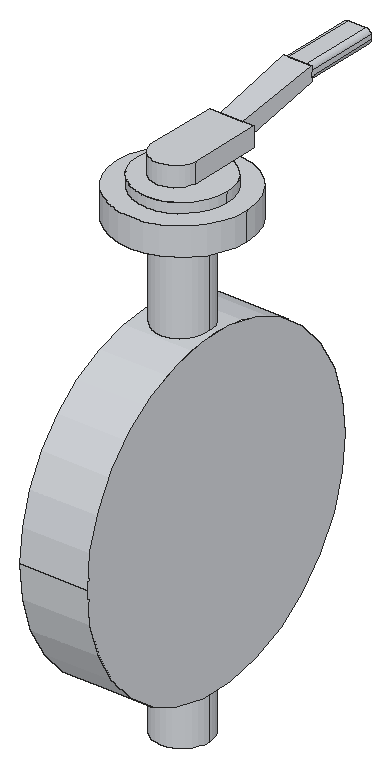
Revit family "HS497-67_disk-litina-s pákou DN250-RFA_2018", category Pipe Accessories, Revit 2018
Family settings
  Round Connector Dimension = Use Diameter
  Part Type = Valve - Breaks Into
  Work Plane-Based = No
  Always vertical = Yes
  Cut with Voids When Loaded = No
  Shared = No
Parameters (values of type "HS 497-67_DN250_PN16_s pákou")
  magiProductId = ""
  magiProductFamilyId = "53cea81e6f374d17b8841d9c72ad77"
  magiPartTypeId = 305
  isMeasuringValve [instance] = no
  ang2D [instance] = 0.00°
  X11 = 88.77 mm
  X1 = 36.77 mm
  W2D = 1000 mm
  VersionID = "2.0/2017.9.26.1/ZETKAMA_497_001"
  Use Minimum Symbol Size [instance] = yes
  URL = "http://www.hydronix.cz"
  Type Comments = "mezipřírubová; litinový disk; PN16; -10~+110°C (krátkodobě +120°C)"
  SW30 = no
  SW3 = no
  SW21 = no
  SW20 = yes
  SW2 = yes
  SW1 = no
  R = 125 mm
  QmdConnectorList = "301;D;302;D"
  Productdata [instance] = ""
  NC = 70 mm
  Model = ""
  Manufacturer = "Hydronix"  # constant formula
  MM20 = 36.77 mm
  MC Product Code = "120 250 (litinový disk, s pákou; DN250; PN16, kvs4555)"
  M41 = 91.5 mm
  M4 = 61 mm
  LHL = 220 mm
  LHH3 = 2.45 mm
  LHH1 = 46.55 mm
  LH1 = 73.333 mm
  L4R__ve = -L4R  # -22.2 mm
  L4R = 22.2 mm
  L42__ve = -L42  # -166.5 mm
  L42 = 166.5 mm
  L41__ve = -L41  # -33.3 mm
  L41 = 33.3 mm
  L2D_Min = 3048 mm
  L2D = 216 mm
  L2 = 34 mm
  L1 = 54.4 mm
  L = 68 mm
  H = 23 mm
  G22 = 11.25 mm
  G2 = 22.5 mm
  G1 = 90 mm
  G = 130 mm
  F = 22 mm
  E44 = 62.5 mm
  E42 = 125 mm
  E4 = 250 mm
  E23 = 4.9 mm
  E22 = 19.6 mm
  E21 = 9.8 mm
  Description = "Mezipřírubová uzavírací klapka s pákou; litinový disk, DN250; PN16; kvs4555"
  DR2 = 125 mm
  DR = 324 mm
  DD1 = 31.25 mm
  DD = 25 mm
  D = 250 mm
  CAT0 = yes
  B2__ve = -B2  # -85 mm
  B2 = 85 mm
  A2 = 28.25 mm
  A1 = 129.25 mm
Types (43, lengths in mm): name | magiProductId | X11 | X1 | Type Comments | SW30 | SW3 | SW20 | SW2 | SW1 | R | NC | MM20 | MC Product Code | M41 | M4 | LHL | LHH3 | LHH1 | LH1 | L4R__ve | L4R | L42__ve | L42 | L41__ve | L41 | L2 | L1 | L | H | G | F | E44 | E42 | E4 | E23 | E22 | E21 | Description | DR2 | DR | DD1 | DD | D | B2__ve | B2 | A2 | A1
  HS 497-67_DN100_PN16_volné vřeteno | "65d1b245f4f142c78569c0602d5754" | 61.456 | 25.456 | "mezipřírubová; litinový disk; PN16; -10~+110°C (krátkodobě +120°C)" | no | no | no | no | yes | 50 | 50 | 25.456 | "123 100 (litinový disk, s volným vřetenem; DN100; PN16, kvs512)" | 66 | 44 | 220 | 2.45 | 46.55 | 73.333 | -12.8 | 12.8 | -96 | 96 | -19.2 | 19.2 | 26 | 41.6 | 52 | 30 | 90 | 11 | 31.25 | 62.5 | 125 | 4.9 | 19.6 | 9.8 | "Mezipřírubová uzavírací klapka s volným vřetenem; litinový disk, DN100; PN16; kvs512" | 50 | 147 | 15.625 | 12.5 | 100 | -56 | 56 | 16.5 | 98.5
  HS 497-67_DN100_PN16_převodové kolo | "11e91b807e674d428c8e796fcdcfe2" | 61.456 | 25.456 | "mezipřírubová; litinový disk; PN16; -10~+110°C (krátkodobě +120°C)" | yes | yes | no | no | no | 50 | 50 | 25.456 | "125 100 (litinový disk, s převodovým kolem; DN100; PN16, kvs512)" | 65.25 | 43.5 | 220 | 2.45 | 46.55 | 73.333 | -12.8 | 12.8 | -96 | 96 | -19.2 | 19.2 | 26 | 41.6 | 52 | 30 | 90 | 11 | 31.25 | 62.5 | 125 | 4.9 | 19.6 | 9.8 | "Mezipřírubová uzavírací klapka s převodovým kolem; litinový disk, DN100; PN16; kvs512" | 50 | 147 | 15.625 | 12.5 | 100 | -56 | 56 | 16.5 | 98.5
  HS 497-67_DN100_PN16_s pákou | "28172f0b3f4b47b28323ac71cf8749" | 61.456 | 25.456 | "mezipřírubová; litinový disk; PN16; -10~+110°C (krátkodobě +120°C)" | no | no | yes | yes | no | 50 | 50 | 25.456 | "120 100 (litinový disk, s pákou; DN100; PN16, kvs512)" | 66 | 44 | 260 | 3 | 57 | 86.667 | -12.8 | 12.8 | -96 | 96 | -19.2 | 19.2 | 26 | 41.6 | 52 | 30 | 90 | 11 | 31.25 | 62.5 | 125 | 6 | 24 | 12 | "Mezipřírubová uzavírací klapka s pákou; litinový disk, DN100; PN16; kvs512" | 50 | 147 | 15.625 | 12.5 | 100 | -56 | 56 | 16.5 | 98.5
  HS 497-67_DN125_PN16_volné vřeteno | "0d813d910fc14f628bb3c2efbd185c" | 61.456 | 25.456 | "mezipřírubová; litinový disk; PN16; -10~+110°C (krátkodobě +120°C)" | no | no | no | no | yes | 62.5 | 50 | 25.456 | "123 125 (litinový disk, s volným vřetenem; DN125; PN16, kvs872)" | 66 | 44 | 220 | 2.45 | 46.55 | 73.333 | -12.8 | 12.8 | -96 | 96 | -19.2 | 19.2 | 28 | 44.8 | 56 | 33 | 90 | 14 | 31.25 | 62.5 | 125 | 4.9 | 19.6 | 9.8 | "Mezipřírubová uzavírací klapka s volným vřetenem; litinový disk, DN125; PN16; kvs872" | 62.5 | 180 | 15.625 | 12.5 | 125 | -64 | 64 | 18 | 99.5
  HS 497-67_DN125_PN16_převodové kolo | "c56b7c13f372467684996fb1e0e229" | 61.456 | 25.456 | "mezipřírubová; litinový disk; PN16; -10~+110°C (krátkodobě +120°C)" | yes | yes | no | no | no | 62.5 | 50 | 25.456 | "125 125 (litinový disk, s převodovým kolem; DN125; PN16, kvs872)" | 65.25 | 43.5 | 220 | 2.45 | 46.55 | 73.333 | -13.5 | 13.5 | -101.25 | 101.25 | -20.25 | 20.25 | 28 | 44.8 | 56 | 33 | 90 | 14 | 40 | 80 | 160 | 4.9 | 19.6 | 9.8 | "Mezipřírubová uzavírací klapka s převodovým kolem; litinový disk, DN125; PN16; kvs872" | 62.5 | 180 | 20 | 16 | 125 | -64 | 64 | 18 | 99.5
  HS 497-67_DN125_PN16_s pákou | "105993c79a91492399feef7931321a" | 61.456 | 25.456 | "mezipřírubová; litinový disk; PN16; -10~+110°C (krátkodobě +120°C)" | no | no | yes | yes | no | 62.5 | 50 | 25.456 | "120 125 (litinový disk, s pákou; DN125; PN16, kvs872)" | 66 | 44 | 315 | 3.75 | 71.25 | 105 | -12.8 | 12.8 | -96 | 96 | -19.2 | 19.2 | 28 | 44.8 | 56 | 33 | 90 | 14 | 31.25 | 62.5 | 125 | 7.5 | 30 | 15 | "Mezipřírubová uzavírací klapka s pákou; litinový disk, DN125; PN16; kvs872" | 62.5 | 180 | 15.625 | 12.5 | 125 | -64 | 64 | 18 | 99.5
  HS 497-67_DN150_PN16_volné vřeteno | "50c80cb8ab434f55ab7796e5ac1331" | 61.456 | 25.456 | "mezipřírubová; litinový disk; PN16; -10~+110°C (krátkodobě +120°C)" | no | no | no | no | yes | 75 | 50 | 25.456 | "123 150 (litinový disk, s volným vřetenem; DN150; PN16, kvs1347)" | 66 | 44 | 220 | 2.45 | 46.55 | 73.333 | -12.8 | 12.8 | -96 | 96 | -19.2 | 19.2 | 28 | 44.8 | 56 | 33 | 90 | 14 | 31.25 | 62.5 | 125 | 4.9 | 19.6 | 9.8 | "Mezipřírubová uzavírací klapka s volným vřetenem; litinový disk, DN150; PN16; kvs1347" | 75 | 206 | 15.625 | 12.5 | 150 | -58 | 58 | 19.3 | 98.7
  HS 497-67_DN150_PN16_převodové kolo | "d94a1a0cf83b476eb10011b327f709" | 61.456 | 25.456 | "mezipřírubová; litinový disk; PN16; -10~+110°C (krátkodobě +120°C)" | yes | yes | no | no | no | 75 | 50 | 25.456 | "125 150 (litinový disk, s převodovým kolem; DN150; PN16, kvs1347)" | 65.25 | 43.5 | 220 | 2.45 | 46.55 | 73.333 | -13.5 | 13.5 | -101.25 | 101.25 | -20.25 | 20.25 | 28 | 44.8 | 56 | 33 | 90 | 14 | 40 | 80 | 160 | 4.9 | 19.6 | 9.8 | "Mezipřírubová uzavírací klapka s převodovým kolem; litinový disk, DN150; PN16; kvs1347" | 75 | 206 | 20 | 16 | 150 | -58 | 58 | 19.3 | 98.7
  HS 497-67_DN150_PN16_s pákou | "4d2835523fe84828bc50ff0a5a0dfb" | 61.456 | 25.456 | "mezipřírubová; litinový disk; PN16; -10~+110°C (krátkodobě +120°C)" | no | no | yes | yes | no | 75 | 50 | 25.456 | "120 150 (litinový disk, s pákou; DN150; PN16, kvs1347)" | 66 | 44 | 315 | 3.75 | 71.25 | 105 | -12.8 | 12.8 | -96 | 96 | -19.2 | 19.2 | 28 | 44.8 | 56 | 33 | 90 | 14 | 31.25 | 62.5 | 125 | 7.5 | 30 | 15 | "Mezipřírubová uzavírací klapka s pákou; litinový disk, DN150; PN16; kvs1347" | 75 | 206 | 15.625 | 12.5 | 150 | -58 | 58 | 19.3 | 98.7
  HS 497-67_DN200_PN16_volné vřeteno | "5b29029eaeba47139ee1055a4b9201" | 61.456 | 25.456 | "mezipřírubová; litinový disk; PN16; -10~+110°C (krátkodobě +120°C)" | no | no | no | no | yes | 100 | 50 | 25.456 | "123 200 (litinový disk, s volným vřetenem; DN200; PN16, kvs2675)" | 66 | 44 | 220 | 2.45 | 46.55 | 73.333 | -12.8 | 12.8 | -96 | 96 | -19.2 | 19.2 | 30 | 48 | 60 | 33 | 90 | 17 | 31.25 | 62.5 | 125 | 4.9 | 19.6 | 9.8 | "Mezipřírubová uzavírací klapka s volným vřetenem; litinový disk, DN200; PN16; kvs2675" | 100 | 257 | 15.625 | 12.5 | 200 | -70 | 70 | 22.5 | 102.5
  HS 497-67_DN200_PN16_převodové kolo | "b2793cc1fcc44cf2a35062cd67c04f" | 61.456 | 25.456 | "mezipřírubová; litinový disk; PN16; -10~+110°C (krátkodobě +120°C)" | yes | yes | no | no | no | 100 | 57 | 25.456 | "125 200 (litinový disk, s převodovým kolem; DN200; PN16, kvs2675)" | 78.75 | 52.5 | 220 | 2.45 | 46.55 | 73.333 | -15.2 | 15.2 | -114 | 114 | -22.8 | 22.8 | 30 | 48 | 60 | 33 | 90 | 17 | 50 | 100 | 200 | 4.9 | 19.6 | 9.8 | "Mezipřírubová uzavírací klapka s převodovým kolem; litinový disk, DN200; PN16; kvs2675" | 100 | 257 | 25 | 20 | 200 | -70 | 70 | 22.5 | 102.5
  HS 497-67_DN200_PN16_s pákou | "f88d96c7af224537a51e72d7d8fffe" | 61.456 | 25.456 | "mezipřírubová; litinový disk; PN16; -10~+110°C (krátkodobě +120°C)" | no | no | yes | yes | no | 100 | 50 | 25.456 | "120 200 (litinový disk, s pákou; DN200; PN16, kvs2675)" | 66 | 44 | 315 | 3.75 | 71.25 | 105 | -12.8 | 12.8 | -96 | 96 | -19.2 | 19.2 | 30 | 48 | 60 | 33 | 90 | 17 | 31.25 | 62.5 | 125 | 7.5 | 30 | 15 | "Mezipřírubová uzavírací klapka s pákou; litinový disk, DN200; PN16; kvs2675" | 100 | 257 | 15.625 | 12.5 | 200 | -70 | 70 | 22.5 | 102.5
  HS 497-67_DN250_PN16_volné vřeteno | "b662e8305ca2402b9c510e66e6aa55" | 88.77 | 36.77 | "mezipřírubová; litinový disk; PN16; -10~+110°C (krátkodobě +120°C)" | no | no | no | no | yes | 125 | 50 | 36.77 | "123 250 (litinový disk, s volným vřetenem; DN250; PN16, kvs4555)" | 66 | 44 | 220 | 2.45 | 46.55 | 73.333 | -12.8 | 12.8 | -96 | 96 | -19.2 | 19.2 | 34 | 54.4 | 68 | 23 | 130 | 22 | 31.25 | 62.5 | 125 | 4.9 | 19.6 | 9.8 | "Mezipřírubová uzavírací klapka s volným vřetenem; litinový disk, DN250; PN16; kvs4555" | 125 | 324 | 15.625 | 12.5 | 250 | -85 | 85 | 28.25 | 129.25
  HS 497-67_DN250_PN16_převodové kolo | "5ee9016806664ddfaa2632711f295c" | 88.77 | 36.77 | "mezipřírubová; litinový disk; PN16; -10~+110°C (krátkodobě +120°C)" | yes | yes | no | no | no | 125 | 70 | 36.77 | "125 250 (litinový disk, s převodovým kolem; DN250; PN16, kvs4555)" | 91.5 | 61 | 220 | 2.45 | 46.55 | 73.333 | -22.2 | 22.2 | -166.5 | 166.5 | -33.3 | 33.3 | 34 | 54.4 | 68 | 23 | 130 | 22 | 62.5 | 125 | 250 | 4.9 | 19.6 | 9.8 | "Mezipřírubová uzavírací klapka s převodovým kolem; litinový disk, DN250; PN16; kvs4555" | 125 | 324 | 31.25 | 25 | 250 | -85 | 85 | 28.25 | 129.25
  HS 497-67_DN300_PN16_volné vřeteno | "e1886f51ff004380a649519258edf2" | 88.77 | 36.77 | "mezipřírubová; litinový disk; PN16; -10~+110°C (krátkodobě +120°C)" | no | no | no | no | yes | 150 | 50 | 36.77 | "123 300 (litinový disk, s volným vřetenem; DN300; PN16, kvs7037)" | 66 | 44 | 220 | 2.45 | 46.55 | 73.333 | -12.8 | 12.8 | -96 | 96 | -19.2 | 19.2 | 39 | 62.4 | 78 | 23 | 130 | 22 | 31.25 | 62.5 | 125 | 4.9 | 19.6 | 9.8 | "Mezipřírubová uzavírací klapka s volným vřetenem; litinový disk, DN300; PN16; kvs7037" | 150 | 376 | 15.625 | 12.5 | 300 | -90 | 90 | 30.8 | 127.2
  HS 497-67_DN300_PN16_převodové kolo | "6860f094f77d42088fbebc3c97f755" | 88.77 | 36.77 | "mezipřírubová; litinový disk; PN16; -10~+110°C (krátkodobě +120°C)" | yes | yes | no | no | no | 150 | 70 | 36.77 | "125 300 (litinový disk, s převodovým kolem; DN300; PN16, kvs7037)" | 91.5 | 61 | 220 | 2.45 | 46.55 | 73.333 | -22.2 | 22.2 | -166.5 | 166.5 | -33.3 | 33.3 | 39 | 62.4 | 78 | 23 | 130 | 22 | 62.5 | 125 | 250 | 4.9 | 19.6 | 9.8 | "Mezipřírubová uzavírací klapka s převodovým kolem; litinový disk, DN300; PN16; kvs7037" | 150 | 376 | 31.25 | 25 | 300 | -90 | 90 | 30.8 | 127.2
  HS 497-67_DN032_PN16_volné vřeteno | "8c5f65de52aa4067a77564107e31b2" | 61.456 | 25.456 | "mezipřírubová; litinový disk; PN16; -10~+110°C (krátkodobě +120°C)" | no | no | no | no | yes | 16 | 50 | 25.456 | "123 032 (litinový disk, s volným vřetenem; DN32; PN16, kvs78)" | 66 | 44 | 220 | 2.45 | 46.55 | 73.333 | -12.8 | 12.8 | -96 | 96 | -19.2 | 19.2 | 16.5 | 26.4 | 33 | 30 | 90 | 11 | 31.25 | 62.5 | 125 | 4.9 | 19.6 | 9.8 | "Mezipřírubová uzavírací klapka s volným vřetenem; litinový disk, DN32; PN16; kvs78" | 16 | 68 | 15.625 | 12.5 | 32 | -44.2 | 44.2 | 10.25 | 76.25
  HS 497-67_DN032_PN16_převodové kolo | "60aaeffa8b3a4e809ef000e4660060" | 61.456 | 25.456 | "mezipřírubová; litinový disk; PN16; -10~+110°C (krátkodobě +120°C)" | yes | yes | no | no | no | 16 | 50 | 25.456 | "125 032 (litinový disk, s převodovým kolem; DN32; PN16, kvs78)" | 65.25 | 43.5 | 220 | 2.45 | 46.55 | 73.333 | -12.8 | 12.8 | -96 | 96 | -19.2 | 19.2 | 16.5 | 26.4 | 33 | 30 | 90 | 11 | 31.25 | 62.5 | 125 | 4.9 | 19.6 | 9.8 | "Mezipřírubová uzavírací klapka s převodovým kolem; litinový disk, DN32; PN16; kvs78" | 16 | 68 | 15.625 | 12.5 | 32 | -44.2 | 44.2 | 10.25 | 76.25
  HS 497-67_DN032_PN16_s pákou | "9ad8088d610749a1b871aa2aad8007" | 61.456 | 25.456 | "mezipřírubová; litinový disk; PN16; -10~+110°C (krátkodobě +120°C)" | no | no | yes | yes | no | 16 | 50 | 25.456 | "120 032 (litinový disk, s pákou; DN32; PN16, kvs78)" | 66 | 44 | 220 | 2.45 | 46.55 | 73.333 | -12.8 | 12.8 | -96 | 96 | -19.2 | 19.2 | 16.5 | 26.4 | 33 | 30 | 90 | 11 | 31.25 | 62.5 | 125 | 4.9 | 19.6 | 9.8 | "Mezipřírubová uzavírací klapka s pákou; litinový disk, DN32; PN16; kvs78" | 16 | 68 | 15.625 | 12.5 | 32 | -44.2 | 44.2 | 10.25 | 76.25
  HS 497-67_DN350_PN10_volné vřeteno | "72a1e05f22944421b7e9596a877137" | 109.255 | 45.255 | "mezipřírubová; litinový disk; PN10; -10~+110°C (krátkodobě +120°C)" | no | no | no | no | yes | 175 | 50 | 45.255 | "123 350 (litinový disk, s volným vřetenem; DN350; PN10, kvs10165)" | 66 | 44 | 220 | 2.45 | 46.55 | 73.333 | -12.8 | 12.8 | -96 | 96 | -19.2 | 19.2 | 39 | 62.4 | 78 | 31 | 160 | 22 | 31.25 | 62.5 | 125 | 4.9 | 19.6 | 9.8 | "Mezipřírubová uzavírací klapka s volným vřetenem; litinový disk, DN350; PN10; kvs10165" | 175 | 430 | 15.625 | 12.5 | 350 | -88 | 88 | 33.85 | 129.65
  HS 497-67_DN350_PN10_převodové kolo | "a5a01426cb28494ba3afca92f1dace" | 109.255 | 45.255 | "mezipřírubová; litinový disk; PN10; -10~+110°C (krátkodobě +120°C)" | yes | yes | no | no | no | 175 | 70 | 45.255 | "125 350 (litinový disk, s převodovým kolem; DN350; PN10, kvs10165)" | 91.5 | 61 | 220 | 2.45 | 46.55 | 73.333 | -22.2 | 22.2 | -166.5 | 166.5 | -33.3 | 33.3 | 39 | 62.4 | 78 | 31 | 160 | 22 | 62.5 | 125 | 250 | 4.9 | 19.6 | 9.8 | "Mezipřírubová uzavírací klapka s převodovým kolem; litinový disk, DN350; PN10; kvs10165" | 175 | 430 | 31.25 | 25 | 350 | -88 | 88 | 33.85 | 129.65
  HS 497-67_DN400_PN10_volné vřeteno | "c70ebeb927c04ab99b176e257ad0a7" | 109.255 | 45.255 | "mezipřírubová; litinový disk; PN10; -10~+110°C (krátkodobě +120°C)" | no | no | no | no | yes | 200 | 50 | 45.255 | "123 400 (litinový disk, s volným vřetenem; DN400; PN10, kvs13799)" | 66 | 44 | 220 | 2.45 | 46.55 | 73.333 | -12.8 | 12.8 | -96 | 96 | -19.2 | 19.2 | 51 | 81.6 | 102 | 31 | 160 | 27 | 31.25 | 62.5 | 125 | 4.9 | 19.6 | 9.8 | "Mezipřírubová uzavírací klapka s volným vřetenem; litinový disk, DN400; PN10; kvs13799" | 200 | 485 | 15.625 | 12.5 | 400 | -108 | 108 | 38 | 142
  HS 497-67_DN400_PN10_převodové kolo | "cc64a4384dcb41b780d81810f4f293" | 109.255 | 45.255 | "mezipřírubová; litinový disk; PN10; -10~+110°C (krátkodobě +120°C)" | yes | yes | no | no | no | 200 | 72.5 | 45.255 | "125 400 (litinový disk, s převodovým kolem; DN400; PN10, kvs13799)" | 103.5 | 69 | 220 | 2.45 | 46.55 | 73.333 | -27.8 | 27.8 | -208.5 | 208.5 | -41.7 | 41.7 | 51 | 81.6 | 102 | 31 | 160 | 27 | 75 | 150 | 300 | 4.9 | 19.6 | 9.8 | "Mezipřírubová uzavírací klapka s převodovým kolem; litinový disk, DN400; PN10; kvs13799" | 200 | 485 | 37.5 | 30 | 400 | -108 | 108 | 38 | 142
  HS 497-67_DN040_PN16_volné vřeteno | "35f92312390745e88df5b5c325d9ee" | 61.456 | 25.456 | "mezipřírubová; litinový disk; PN16; -10~+110°C (krátkodobě +120°C)" | no | no | no | no | yes | 20 | 50 | 25.456 | "123 040 (litinový disk, s volným vřetenem; DN40; PN16, kvs78)" | 66 | 44 | 220 | 2.45 | 46.55 | 73.333 | -12.8 | 12.8 | -96 | 96 | -19.2 | 19.2 | 16.5 | 26.4 | 33 | 30 | 90 | 11 | 31.25 | 62.5 | 125 | 4.9 | 19.6 | 9.8 | "Mezipřírubová uzavírací klapka s volným vřetenem; litinový disk, DN40; PN16; kvs78" | 20 | 76 | 15.625 | 12.5 | 40 | -36 | 36 | 11 | 79
  HS 497-67_DN040_PN16_převodové kolo | "d88e968eae3445bc9b7b4e6ff35127" | 61.456 | 25.456 | "mezipřírubová; litinový disk; PN16; -10~+110°C (krátkodobě +120°C)" | yes | yes | no | no | no | 20 | 50 | 25.456 | "125 040 (litinový disk, s převodovým kolem; DN40; PN16, kvs78)" | 65.25 | 43.5 | 220 | 2.45 | 46.55 | 73.333 | -12.8 | 12.8 | -96 | 96 | -19.2 | 19.2 | 16.5 | 26.4 | 33 | 30 | 90 | 11 | 31.25 | 62.5 | 125 | 4.9 | 19.6 | 9.8 | "Mezipřírubová uzavírací klapka s převodovým kolem; litinový disk, DN40; PN16; kvs78" | 20 | 76 | 15.625 | 12.5 | 40 | -36 | 36 | 11 | 79
  HS 497-67_DN040_PN16_s pákou | "c1b522ca65b4407a98818f232eaacb" | 61.456 | 25.456 | "mezipřírubová; litinový disk; PN16; -10~+110°C (krátkodobě +120°C)" | no | no | yes | yes | no | 20 | 50 | 25.456 | "120 040 (litinový disk, s pákou; DN40; PN16, kvs78)" | 66 | 44 | 220 | 2.45 | 46.55 | 73.333 | -12.8 | 12.8 | -96 | 96 | -19.2 | 19.2 | 16.5 | 26.4 | 33 | 30 | 90 | 11 | 31.25 | 62.5 | 125 | 4.9 | 19.6 | 9.8 | "Mezipřírubová uzavírací klapka s pákou; litinový disk, DN40; PN16; kvs78" | 20 | 76 | 15.625 | 12.5 | 40 | -36 | 36 | 11 | 79
  HS 497-67_DN450_PN10_volné vřeteno | "a8358bc282f14872b3194e530e590a" | 129.74 | 53.74 | "mezipřírubová; litinový disk; PN10; -10~+110°C (krátkodobě +120°C)" | no | no | no | no | yes | 225 | 50 | 53.74 | "123 450 (litinový disk, s volným vřetenem; DN450; PN10, kvs18514)" | 66 | 44 | 220 | 2.45 | 46.55 | 73.333 | -12.8 | 12.8 | -96 | 96 | -19.2 | 19.2 | 57 | 91.2 | 114 | 38 | 190 | 36 | 31.25 | 62.5 | 125 | 4.9 | 19.6 | 9.8 | "Mezipřírubová uzavírací klapka s volným vřetenem; litinový disk, DN450; PN10; kvs18514" | 225 | 536 | 15.625 | 12.5 | 450 | -115 | 115 | 38.05 | 117.45
  HS 497-67_DN450_PN10_převodové kolo | "cdf2d80f54a9414f9cbe50647c0ebd" | 129.74 | 53.74 | "mezipřírubová; litinový disk; PN10; -10~+110°C (krátkodobě +120°C)" | yes | yes | no | no | no | 225 | 91.5 | 53.74 | "125 450 (litinový disk, s převodovým kolem; DN450; PN10, kvs18514)" | 144.75 | 96.5 | 220 | 2.45 | 46.55 | 73.333 | -32.1 | 32.1 | -240.75 | 240.75 | -48.15 | 48.15 | 57 | 91.2 | 114 | 38 | 190 | 36 | 100 | 200 | 400 | 4.9 | 19.6 | 9.8 | "Mezipřírubová uzavírací klapka s převodovým kolem; litinový disk, DN450; PN10; kvs18514" | 225 | 536 | 50 | 40 | 450 | -115 | 115 | 38.05 | 117.45
  HS 497-67_DN500_PN10_volné vřeteno | "8c396e27bb2743f98f3c762b6517cd" | 143.397 | 59.397 | "mezipřírubová; litinový disk; PN10; -10~+110°C (krátkodobě +120°C)" | no | no | no | no | yes | 250 | 50 | 59.397 | "123 500 (litinový disk, s volným vřetenem; DN500; PN10, kvs23805)" | 66 | 44 | 220 | 2.45 | 46.55 | 73.333 | -12.8 | 12.8 | -96 | 96 | -19.2 | 19.2 | 63.5 | 101.6 | 127 | 38 | 210 | 36 | 31.25 | 62.5 | 125 | 4.9 | 19.6 | 9.8 | "Mezipřírubová uzavírací klapka s volným vřetenem; litinový disk, DN500; PN10; kvs23805" | 250 | 593 | 15.625 | 12.5 | 500 | -130 | 130 | 43.25 | 139.25
  HS 497-67_DN500_PN10_převodové kolo | "7647804f32e94cef828a7034a91a46" | 143.397 | 59.397 | "mezipřírubová; litinový disk; PN10; -10~+110°C (krátkodobě +120°C)" | yes | yes | no | no | no | 250 | 91.5 | 59.397 | "125 500 (litinový disk, s převodovým kolem; DN500; PN10, kvs23805)" | 144.75 | 96.5 | 220 | 2.45 | 46.55 | 73.333 | -32.1 | 32.1 | -240.75 | 240.75 | -48.15 | 48.15 | 63.5 | 101.6 | 127 | 38 | 210 | 36 | 100 | 200 | 400 | 4.9 | 19.6 | 9.8 | "Mezipřírubová uzavírací klapka s převodovým kolem; litinový disk, DN500; PN10; kvs23805" | 250 | 593 | 50 | 40 | 500 | -130 | 130 | 43.25 | 139.25
  HS 497-67_DN050_PN16_volné vřeteno | "d71f296ecd6d4adf8f6e5d9853b4e0" | 61.456 | 25.456 | "mezipřírubová; litinový disk; PN16; -10~+110°C (krátkodobě +120°C)" | no | no | no | no | yes | 25 | 50 | 25.456 | "123 050 (litinový disk, s volným vřetenem; DN50; PN16, kvs98)" | 66 | 44 | 220 | 2.45 | 46.55 | 73.333 | -12.8 | 12.8 | -96 | 96 | -19.2 | 19.2 | 21.5 | 34.4 | 43 | 30 | 90 | 11 | 31.25 | 62.5 | 125 | 4.9 | 19.6 | 9.8 | "Mezipřírubová uzavírací klapka s volným vřetenem; litinový disk, DN50; PN16; kvs98" | 25 | 100 | 15.625 | 12.5 | 50 | -36.5 | 36.5 | 12 | 83
  HS 497-67_DN050_PN16_převodové kolo | "2fb080deeaed49c58418b94c1da5a4" | 61.456 | 25.456 | "mezipřírubová; litinový disk; PN16; -10~+110°C (krátkodobě +120°C)" | yes | yes | no | no | no | 25 | 50 | 25.456 | "125 050 (litinový disk, s převodovým kolem; DN50; PN16, kvs98)" | 65.25 | 43.5 | 220 | 2.45 | 46.55 | 73.333 | -12.8 | 12.8 | -96 | 96 | -19.2 | 19.2 | 21.5 | 34.4 | 43 | 30 | 90 | 11 | 31.25 | 62.5 | 125 | 4.9 | 19.6 | 9.8 | "Mezipřírubová uzavírací klapka s převodovým kolem; litinový disk, DN50; PN16; kvs98" | 25 | 100 | 15.625 | 12.5 | 50 | -36.5 | 36.5 | 12 | 83
  HS 497-67_DN050_PN16_s pákou | "dabc632061f94877a994b9b4e68112" | 61.456 | 25.456 | "mezipřírubová; litinový disk; PN16; -10~+110°C (krátkodobě +120°C)" | no | no | yes | yes | no | 25 | 50 | 25.456 | "120 050 (litinový disk, s pákou; DN50; PN16, kvs98)" | 66 | 44 | 220 | 2.45 | 46.55 | 73.333 | -12.8 | 12.8 | -96 | 96 | -19.2 | 19.2 | 21.5 | 34.4 | 43 | 30 | 90 | 11 | 31.25 | 62.5 | 125 | 4.9 | 19.6 | 9.8 | "Mezipřírubová uzavírací klapka s pákou; litinový disk, DN50; PN16; kvs98" | 25 | 100 | 15.625 | 12.5 | 50 | -36.5 | 36.5 | 12 | 83
  HS 497-67_DN600_PN10_volné vřeteno | "99d5892c14664fce81a7c5903f7711" | 143.397 | 59.397 | "mezipřírubová; litinový disk; PN10; -10~+110°C (krátkodobě +120°C)" | no | no | no | no | yes | 300 | 50 | 59.397 | "123 600 (litinový disk, s volným vřetenem; DN600; PN10, kvs36778)" | 66 | 44 | 220 | 2.45 | 46.55 | 73.333 | -12.8 | 12.8 | -96 | 96 | -19.2 | 19.2 | 77 | 123.2 | 154 | 80 | 210 | 60 | 31.25 | 62.5 | 125 | 4.9 | 19.6 | 9.8 | "Mezipřírubová uzavírací klapka s volným vřetenem; litinový disk, DN600; PN10; kvs36788" | 300 | 690 | 15.625 | 12.5 | 600 | -140 | 140 | 49.4 | 144.6
  HS 497-67_DN600_PN10_převodové kolo | "b1e26faab48a4c499f6bb11e7e3002" | 143.397 | 59.397 | "mezipřírubová; litinový disk; PN10; -10~+110°C (krátkodobě +120°C)" | yes | yes | no | no | no | 300 | 140 | 59.397 | "125 600 (litinový disk, s převodovým kolem; DN600; PN10, kvs36778)" | 206.25 | 137.5 | 220 | 2.45 | 46.55 | 73.333 | -40.8 | 40.8 | -306 | 306 | -61.2 | 61.2 | 77 | 123.2 | 154 | 80 | 210 | 60 | 125 | 250 | 500 | 4.9 | 19.6 | 9.8 | "Mezipřírubová uzavírací klapka s převodovým kolem; litinový disk, DN600; PN10; kvs36788" | 300 | 690 | 62.5 | 50 | 600 | -140 | 140 | 49.4 | 144.6
  HS 497-67_DN065_PN16_volné vřeteno | "5e5e208646e34ec29f889baab5d08e" | 61.456 | 25.456 | "mezipřírubová; litinový disk; PN16; -10~+110°C (krátkodobě +120°C)" | no | no | no | no | yes | 32.5 | 50 | 25.456 | "123 065 (litinový disk, s volným vřetenem; DN65; PN16, kvs167)" | 66 | 44 | 220 | 2.45 | 46.55 | 73.333 | -12.8 | 12.8 | -96 | 96 | -19.2 | 19.2 | 23 | 36.8 | 46 | 30 | 90 | 11 | 31.25 | 62.5 | 125 | 4.9 | 19.6 | 9.8 | "Mezipřírubová uzavírací klapka s volným vřetenem; litinový disk, DN65; PN16; kv167" | 32.5 | 108 | 15.625 | 12.5 | 65 | -36.5 | 36.5 | 13.5 | 89
  HS 497-67_DN065_PN16_převodové kolo | "654d74c8d15540b0bfe523d988ccb3" | 61.456 | 25.456 | "mezipřírubová; litinový disk; PN16; -10~+110°C (krátkodobě +120°C)" | yes | yes | no | no | no | 32.5 | 50 | 25.456 | "125 065 (litinový disk, s převodovým kolem; DN65; PN16, kvs167)" | 65.25 | 43.5 | 220 | 2.45 | 46.55 | 73.333 | -12.8 | 12.8 | -96 | 96 | -19.2 | 19.2 | 23 | 36.8 | 46 | 30 | 90 | 11 | 31.25 | 62.5 | 125 | 4.9 | 19.6 | 9.8 | "Mezipřírubová uzavírací klapka s převodovým kolem; litinový disk, DN65; PN16; kvs167" | 32.5 | 108 | 15.625 | 12.5 | 65 | -36.5 | 36.5 | 13.5 | 89
  HS 497-67_DN065_PN16_s pákou | "ebeb4b59db0641caaf6d6635ab37b9" | 61.456 | 25.456 | "mezipřírubová; litinový disk; PN16; -10~+110°C (krátkodobě +120°C)" | no | no | yes | yes | no | 32.5 | 50 | 25.456 | "120 065 (litinový disk, s pákou; DN65; PN16, kvs167)" | 66 | 44 | 220 | 2.45 | 46.55 | 73.333 | -12.8 | 12.8 | -96 | 96 | -19.2 | 19.2 | 23 | 36.8 | 46 | 30 | 90 | 11 | 31.25 | 62.5 | 125 | 4.9 | 19.6 | 9.8 | "Mezipřírubová uzavírací klapka s pákou; litinový disk, DN65; PN16; kvs167" | 32.5 | 108 | 15.625 | 12.5 | 65 | -36.5 | 36.5 | 13.5 | 89
  HS 497-67_DN080_PN16_volné vřeteno | "9e85c75c18654e1185a9c48ed6b00e" | 61.456 | 25.456 | "mezipřírubová; litinový disk; PN16; -10~+110°C (krátkodobě +120°C)" | no | no | no | no | yes | 40 | 50 | 25.456 | "123 080 (litinový disk, s volným vřetenem; DN80; PN16, kvs258)" | 66 | 44 | 220 | 2.45 | 46.55 | 73.333 | -12.8 | 12.8 | -96 | 96 | -19.2 | 19.2 | 23 | 36.8 | 46 | 30 | 90 | 11 | 31.25 | 62.5 | 125 | 4.9 | 19.6 | 9.8 | "Mezipřírubová uzavírací klapka s volným vřetenem; litinový disk, DN80; PN16; kvs258" | 40 | 124 | 15.625 | 12.5 | 80 | -54 | 54 | 14.1 | 86.9
  HS 497-67_DN080_PN16_převodové kolo | "5b3c8238c3d041e68c75b199e7ea46" | 61.456 | 25.456 | "mezipřírubová; litinový disk; PN16; -10~+110°C (krátkodobě +120°C)" | yes | yes | no | no | no | 40 | 50 | 25.456 | "125 080 (litinový disk, s převodovým kolem; DN80; PN16, kvs258)" | 65.25 | 43.5 | 220 | 2.45 | 46.55 | 73.333 | -12.8 | 12.8 | -96 | 96 | -19.2 | 19.2 | 23 | 36.8 | 46 | 30 | 90 | 11 | 31.25 | 62.5 | 125 | 4.9 | 19.6 | 9.8 | "Mezipřírubová uzavírací klapka s převodovým kolem; litinový disk, DN80; PN16; kvs258" | 40 | 124 | 15.625 | 12.5 | 80 | -54 | 54 | 14.1 | 86.9
  HS 497-67_DN080_PN16_s pákou | "e414795fab0f4eccb99bc3572c5477" | 61.456 | 25.456 | "mezipřírubová; litinový disk; PN16; -10~+110°C (krátkodobě +120°C)" | no | no | yes | yes | no | 40 | 50 | 25.456 | "120 080 (litinový disk, s pákou; DN80; PN16, kvs258)" | 66 | 44 | 260 | 3 | 57 | 86.667 | -12.8 | 12.8 | -96 | 96 | -19.2 | 19.2 | 23 | 36.8 | 46 | 30 | 90 | 11 | 31.25 | 62.5 | 125 | 6 | 24 | 12 | "Mezipřírubová uzavírací klapka s pákou; litinový disk, DN80; PN16; kvs258" | 40 | 124 | 15.625 | 12.5 | 80 | -54 | 54 | 14.1 | 86.9
  HS 497-67_DN250_PN16_s pákou | "" | 88.77 | 36.77 | "mezipřírubová; litinový disk; PN16; -10~+110°C (krátkodobě +120°C)" | no | no | yes | yes | no | 125 | 70 | 36.77 | "120 250 (litinový disk, s pákou; DN250; PN16, kvs4555)" | 91.5 | 61 | 220 | 2.45 | 46.55 | 73.333 | -22.2 | 22.2 | -166.5 | 166.5 | -33.3 | 33.3 | 34 | 54.4 | 68 | 23 | 130 | 22 | 62.5 | 125 | 250 | 4.9 | 19.6 | 9.8 | "Mezipřírubová uzavírací klapka s pákou; litinový disk, DN250; PN16; kvs4555" | 125 | 324 | 31.25 | 25 | 250 | -85 | 85 | 28.25 | 129.25
  HS 497-67_DN300_PN16_s pákou | "" | 88.77 | 36.77 | "mezipřírubová; litinový disk; PN16; -10~+110°C (krátkodobě +120°C)" | no | no | yes | yes | no | 150 | 70 | 36.77 | "120 300 (litinový disk, s pákou; DN300; PN16, kvs7037)" | 91.5 | 61 | 220 | 2.45 | 46.55 | 73.333 | -22.2 | 22.2 | -166.5 | 166.5 | -33.3 | 33.3 | 39 | 62.4 | 78 | 23 | 130 | 22 | 62.5 | 125 | 250 | 4.9 | 19.6 | 9.8 | "Mezipřírubová uzavírací klapka s pákou; litinový disk, DN300; PN16; kvs7037" | 150 | 376 | 31.25 | 25 | 300 | -90 | 90 | 30.8 | 127.2
Reference planes
  plane 1 "Center (Front/Back)": y = 0
  plane 2 "XYPLANE": z = 0
  plane 3 "Center (Left/Right)": x = 0
  plane 4 "473": x = -36.77
  plane 5 "472": x = -91.5
  plane 6 "471": y = -36.77
  plane 7 "470": y = 36.77
  plane 8 "469": x = -61
  plane 9 "468": y = -199.8
  plane 10 "467": y = -166.5
  plane 11 "466": z = 345
  plane 12 "465": z = 329.05
  plane 13 "464": y = 145.417
  plane 14 "463": z = 319.25
  plane 15 "462": z = 302.1
  plane 16 "461": z = 311.9
  plane 17 "460": y = 72.083
  plane 18 "459": x = -11.25
  plane 19 "458": x = 11.25
  plane 20 "457": y = -6.25
  plane 21 "456": x = -17.5
  plane 22 "455": x = 17.5
  plane 23 "454": z = 316.8
  plane 24 "453": y = 62.083
  plane 25 "452": y = -11.25
  plane 26 "451": x = -22.5
  plane 27 "450": x = 22.5
  plane 28 "449": z = 297.2
  plane 29 "448": z = 292.3
  plane 30 "447": z = -125
  plane 31 "446": z = 282.5
  plane 32 "445": z = 254.25
  plane 33 "444": z = 125
  plane 34 "443": x = 34
  plane 35 "442": x = -34
  plane 36 "441": z = 0
  plane 37 "440": y = 0
  plane 38 "439": x = 0
  plane 39 "438": z = 331.5
  plane 40 "437": z = 316.8
  plane 41 "436": x = 13.7
  plane 42 "435": x = -13.7
  plane 43 "434": y = 220
Forms (mm)
  Extrusion 1, solid, visible <- "SW3"
    sketch origin (-750, 0, 282.5) x (1, 0, 0) y (0, 1, 0)
      loop
        line (658.5, 36.77) -> (658.5, -36.77) -> (713.23, -36.77)
        arc (713.23, -36.77) -> (802, 0) -> (713.23, 36.77) r 52
        line (713.23, 36.77) -> (658.5, 36.77)
    from 0 to 125 <- "E42"
  Extrusion 2, solid, visible <- "SW30"
    sketch origin (0, -750, 0) x (0, 1, 0) y (0, 0, 1)
      loop
        circle (750, 345) r 15.625
    from 0 to 70 <- "NC"
  Extrusion 3, solid, visible <- "SW30"
    sketch origin (750, -199.8, 0) x (-1, 0, 0) y (0, 0, 1)
      loop
        circle (811, 345) r 125
    from 0 to -22.2 <- "L4R__ve"
  Extrusion 4, solid, visible <- "SW3"
    sketch origin (750, -166.5, 0) x (-1, 0, 0) y (0, 0, 1)
      loop
        circle (811, 345) r 15.625
    from 0 to -33.3 <- "L41__ve"
  Extrusion 5, solid, visible <- "SW30"
    sketch origin (750, 0, 0) x (-1, 0, 0) y (0, 0, 1)
      loop
        circle (811, 345) r 12.5
    from 0 to -166.5 <- "L42__ve"
  Blend 6, solid, visible <- "SW21"
    base sketch origin (750, 72.083, 0) x (-1, 0, 0) y (0, 0, 1)
      loop
        line (761.25, 311.9) -> (738.75, 311.9) -> (738.75, 302.1) -> (761.25, 302.1) -> (761.25, 311.9)
    top sketch origin (750, 72.083, 0) x (-1, 0, 0) y (0, 0, 1)
      loop
        line (761.25, 329.05) -> (738.75, 329.05) -> (738.75, 319.25) -> (761.25, 319.25) -> (761.25, 329.05)
    from 0 to 73.333
  Blend 7, solid, visible <- "SW21"
    base sketch origin (750, 62.083, 0) x (-1, 0, 0) y (0, 0, 1)
      loop
        line (761.25, 316.8) -> (738.75, 316.8) -> (738.75, 297.2) -> (761.25, 297.2) -> (761.25, 316.8)
    top sketch origin (750, 62.083, 0) x (-1, 0, 0) y (0, 0, 1)
      loop
        line (761.25, 311.9) -> (738.75, 311.9) -> (738.75, 302.1) -> (761.25, 302.1) -> (761.25, 311.9)
    from 0 to 10
  Blend 8, solid, visible <- "SW21"
    base sketch origin (-750, 0, 297.2) x (1, 0, 0) y (0, 1, 0)
      loop
        line (772.5, 62.083) -> (727.5, 62.083) -> (727.5, -11.25)
        arc (727.5, -11.25) -> (750, -31.25) -> (772.5, -11.25) r 22.656
        line (772.5, -11.25) -> (772.5, 62.083)
    top sketch origin (-750, 0, 297.2) x (1, 0, 0) y (0, 1, 0)
      loop
        line (767.5, 62.083) -> (732.5, 62.083) -> (732.5, -6.25)
        arc (732.5, -6.25) -> (750, -26.25) -> (767.5, -6.25) r 17.656
        line (767.5, -6.25) -> (767.5, 62.083)
    from 0 to 19.6
  Extrusion 9, solid, visible <- "SW2"
    sketch origin (-750, 0, 292.3) x (1, 0, 0) y (0, 1, 0)
      loop
        circle (750, 0) r 11.25
    from 0 to 4.9 <- "E23"
  Extrusion 10, solid, visible <- "SW2"
    sketch origin (-750, 0, 282.5) x (1, 0, 0) y (0, 1, 0)
      loop
        circle (750, 0) r 45
    from 0 to 9.8 <- "E21"
  Extrusion 11, solid, visible <- "CAT0"
    sketch origin (-750, 0, -125) x (1, 0, 0) y (0, 1, 0)
      loop
        circle (750, 0) r 27.2
    from 0 to -85 <- "B2__ve"
  Extrusion 12, solid, visible <- "CAT0"
    sketch origin (-750, 0, 254.25) x (1, 0, 0) y (0, 1, 0)
      loop
        circle (750, 0) r 65
    from 0 to 28.25 <- "A2"
  Extrusion 13, solid, visible <- "CAT0"
    sketch origin (-750, 0, 125) x (1, 0, 0) y (0, 1, 0)
      loop
        circle (750, 0) r 27.2
    from 0 to 129.25 <- "A1"
  Extrusion 14, solid, visible <- "CAT0"
    sketch origin (-34, -750, 0) x (0, 1, 0) y (0, 0, 1)
      loop
        circle (750, 0) r 162
    from 0 to 68 <- "L"
  Extrusion 15, solid, visible <- "SW1"
    sketch origin (-750, 0, 282.5) x (1, 0, 0) y (0, 1, 0)
      loop
        line (761, 11) -> (739, 11) -> (739, -11) -> (761, -11) -> (761, 11)
    from 0 to 23 <- "H"
  Blend 16, solid, visible <- "SW2"
    base sketch origin (750, 145.417, 0) x (-1, 0, 0) y (0, 0, 1)
      loop
        arc (763.7, 326.5) -> (762.236, 330.036) -> (758.7, 331.5) r 5
        line (758.7, 331.5) -> (741.3, 331.5)
        arc (741.3, 331.5) -> (737.764, 330.036) -> (736.3, 326.5) r 5
        line (736.3, 326.5) -> (736.3, 321.8)
        arc (736.3, 321.8) -> (737.764, 318.264) -> (741.3, 316.8) r 5
        line (741.3, 316.8) -> (758.7, 316.8)
        arc (758.7, 316.8) -> (762.236, 318.264) -> (763.7, 321.8) r 5
        line (763.7, 321.8) -> (763.7, 326.5)
    top sketch origin (750, 145.417, 0) x (-1, 0, 0) y (0, 0, 1)
      loop
        arc (763.7, 326.5) -> (762.236, 330.036) -> (758.7, 331.5) r 5
        line (758.7, 331.5) -> (741.3, 331.5)
        arc (741.3, 331.5) -> (737.764, 330.036) -> (736.3, 326.5) r 5
        line (736.3, 326.5) -> (736.3, 321.8)
        arc (736.3, 321.8) -> (737.764, 318.264) -> (741.3, 316.8) r 5
        line (741.3, 316.8) -> (758.7, 316.8)
        arc (758.7, 316.8) -> (762.236, 318.264) -> (763.7, 321.8) r 5
        line (763.7, 321.8) -> (763.7, 326.5)
    from 0 to 74.583
  Blend 17, solid, visible <- "SW20"
    base sketch origin (750, 145.417, 0) x (-1, 0, 0) y (0, 0, 1)
      loop
        line (763.7, 331.5) -> (736.3, 331.5) -> (736.3, 316.8) -> (763.7, 316.8) -> (763.7, 331.5)
    top sketch origin (750, 145.417, 0) x (-1, 0, 0) y (0, 0, 1)
      loop
        line (761.25, 316.8) -> (738.75, 316.8) -> (738.75, 297.2) -> (761.25, 297.2) -> (761.25, 316.8)
    from 0 to -83.333
  Extrusion 18, solid, visible <- "SW20"
    sketch origin (-750, 0, 297.2) x (1, 0, 0) y (0, 1, 0)
      loop
        line (772.5, 62.083) -> (727.5, 62.083) -> (727.5, -11.25)
        arc (727.5, -11.25) -> (750, -31.25) -> (772.5, -11.25) r 22.656
        line (772.5, -11.25) -> (772.5, 62.083)
    from 0 to 19.6 <- "E22"
  Extrusion 19, solid, not visible
    sketch origin (-34, -750, 0) x (0, 1, 0) y (0, 0, 1)
      loop
        circle (750, 0) r 10
    from 0 to 10
  Extrusion 20, solid, not visible
    sketch origin (34, -750, 0) x (0, 1, 0) y (0, 0, 1)
      loop
        circle (750, 0) r 10
    from 0 to -10
Lines and regions (mm)
  reference lines, not visible
    curve 1: circle (2, 2, 0) r 1 normal (0, 0, 1)
  reference lines
    curve 2: line (-36.77, -36.77, 282.5) -> (-36.77, 36.77, 282.5)
    curve 3: line (-17.5, -6.25, 297.2) -> (17.5, -6.25, 297.2)
    curve 4: line (-22.5, -11.25, 297.2) -> (22.5, -11.25, 297.2)
    curve 5: circle (0, 0, 282.5) r 1 normal (0, 0, 1)
    curve 6: line (-22.5, -11.25, 297.2) -> (22.5, -11.25, 297.2)
Dimensions and locks
  plane 1 "Center (Front/Back)" to curve 1 = 2 mm
  "X1": plane 3 "Center (Left/Right)" to plane 4 "473"
  "M41": plane 3 "Center (Left/Right)" to plane 5 "472"
  "MM20": plane 1 "Center (Front/Back)" to plane 6 "471"
  "MM20": plane 1 "Center (Front/Back)" to plane 7 "470"
  "M4": plane 3 "Center (Left/Right)" to plane 8 "469"
  "L41": plane 10 "467" to plane 9 "468"
  "L42": plane 1 "Center (Front/Back)" to plane 10 "467"
  "E44": plane 31 "446" to plane 11 "466"
  "LHH1": plane 31 "446" to plane 12 "465"
  "LH1": plane 17 "460" to plane 13 "464"
  "E21": plane 12 "465" to plane 14 "463"
  "E21": plane 16 "461" to plane 15 "462"
  "E23": plane 23 "454" to plane 16 "461"
  locked: plane 24 "453" to plane 17 "460" at 10
  "G22": plane 3 "Center (Left/Right)" to plane 18 "459"
  "G22": plane 3 "Center (Left/Right)" to plane 19 "458"
  locked: plane 25 "452" to plane 20 "457" at 5
  locked: plane 26 "451" to plane 21 "456" at 5
  locked: plane 27 "450" to plane 22 "455" at 5
  "E22": plane 28 "449" to plane 23 "454"
  "LH1": plane 25 "452" to plane 24 "453"
  "G22": plane 1 "Center (Front/Back)" to plane 25 "452"
  "G2": plane 3 "Center (Left/Right)" to plane 26 "451"
  "G2": plane 3 "Center (Left/Right)" to plane 27 "450"
  "E23": plane 29 "448" to plane 28 "449"
  "E21": plane 31 "446" to plane 29 "448"
  "R": plane 2 "XYPLANE" to plane 30 "447"
  "A2": plane 32 "445" to plane 31 "446"
  "A1": plane 33 "444" to plane 32 "445"
  "DR2": plane 2 "XYPLANE" to plane 33 "444"
  "L2": plane 3 "Center (Left/Right)" to plane 34 "443"
  "L2": plane 3 "Center (Left/Right)" to plane 35 "442"
  locked: plane 2 "XYPLANE" to plane 36 "441"
  locked: plane 1 "Center (Front/Back)" to plane 37 "440"
  locked: plane 3 "Center (Left/Right)" to plane 38 "439"
  "LHH3": plane 12 "465" to plane 39 "438"
  "LHH3": plane 14 "463" to plane 40 "437"
  "LHH3": plane 19 "458" to plane 41 "436"
  "LHH3": plane 18 "459" to plane 42 "435"
  "LHL": plane 1 "Center (Front/Back)" to plane 43 "434"
  "X11": curve 2 to Extrusion 1 sketch curve
  Extrusion 1 sketch curve to Extrusion 1 sketch curve = 0 mm  (x8)
  Blend 6 sketch curve to Blend 6 sketch curve = 0 mm  (x16)
  Blend 7 sketch curve to Blend 7 sketch curve = 0 mm  (x16)
  Blend 8 sketch curve to Blend 8 sketch curve = 0 mm  (x16)
  equal spacing: Extrusion 15 sketch curve, curve 5, Extrusion 15 sketch curve  (x2)
  "F": Extrusion 15 sketch curve to Extrusion 15 sketch curve  (x2)
  Blend 16 sketch curve to Blend 16 sketch curve = 0 mm  (x32)
  Blend 17 sketch curve to Blend 17 sketch curve = 0 mm  (x16)
  Extrusion 18 sketch curve to Extrusion 18 sketch curve = 0 mm  (x8)
  "DD1": diameter of Extrusion 2 sketch curve
  "E4": diameter of Extrusion 3 sketch curve
  "DD1": diameter of Extrusion 4 sketch curve
  "DD": diameter of Extrusion 5 sketch curve
  "G2": diameter of Extrusion 9 sketch curve
  "G1": diameter of Extrusion 10 sketch curve
  "L1": diameter of Extrusion 11 sketch curve
  "G": diameter of Extrusion 12 sketch curve
  "L1": diameter of Extrusion 13 sketch curve
  "DR": diameter of Extrusion 14 sketch curve
  radius of Blend 16 sketch curve = 5 mm  (x8)
  aligned and locked: level to plane 2 "XYPLANE"
  aligned and locked: Extrusion 1 sketch curve to plane 5 "472"
  aligned and locked: plane 7 "470" to Extrusion 1 sketch curve
  aligned and locked: plane 6 "471" to Extrusion 1 sketch curve
  aligned and locked: plane 5 "472" to Extrusion 1 sketch curve
  aligned and locked: plane 4 "473" to Extrusion 1 sketch curve  (x2)
  aligned and locked: plane 4 "473" to curve 2
  aligned and locked: plane 6 "471" to curve 2
  aligned and locked: plane 7 "470" to curve 2
  aligned and locked: Extrusion 1 sketch curve to plane 7 "470"
  aligned and locked: plane 11 "466" to Extrusion 2 sketch curve
  aligned and locked: plane 37 "440" to Extrusion 2 sketch curve
  aligned and locked: plane 8 "469" to Extrusion 3 sketch curve
  aligned and locked: plane 11 "466" to Extrusion 3 sketch curve
  aligned and locked: plane 8 "469" to Extrusion 4 sketch curve
  aligned and locked: plane 11 "466" to Extrusion 4 sketch curve
  aligned and locked: plane 8 "469" to Extrusion 5 sketch curve
  aligned and locked: plane 11 "466" to Extrusion 5 sketch curve
  aligned and locked: plane 12 "465" to Blend 6 sketch curve  (x2)
  aligned and locked: plane 18 "459" to Blend 6 sketch curve  (x4)
  aligned and locked: plane 19 "458" to Blend 6 sketch curve  (x4)
  aligned and locked: plane 14 "463" to Blend 6 sketch curve  (x2)
  aligned and locked: plane 16 "461" to Blend 6 sketch curve  (x2)
  aligned and locked: plane 15 "462" to Blend 6 sketch curve  (x2)
  aligned and locked: plane 13 "464" to Blend 6
  aligned and locked: plane 16 "461" to Blend 7 sketch curve  (x2)
  aligned and locked: plane 18 "459" to Blend 7 sketch curve  (x4)
  aligned and locked: plane 19 "458" to Blend 7 sketch curve  (x4)
  aligned and locked: plane 15 "462" to Blend 7 sketch curve  (x2)
  aligned and locked: plane 23 "454" to Blend 7 sketch curve  (x2)
  aligned and locked: plane 28 "449" to Blend 7 sketch curve  (x2)
  aligned and locked: plane 17 "460" to Blend 7
  aligned and locked: plane 24 "453" to Blend 8 sketch curve  (x4)
  aligned and locked: plane 22 "455" to Blend 8 sketch curve  (x2)
  aligned and locked: plane 21 "456" to Blend 8 sketch curve
  aligned and locked: plane 20 "457" to Blend 8 sketch curve  (x2)
  aligned and locked: curve 3 to plane 20 "457"
  aligned and locked: plane 21 "456" to curve 3
  aligned and locked: plane 22 "455" to curve 3
  aligned and locked: plane 27 "450" to Blend 8 sketch curve  (x2)
  aligned and locked: plane 26 "451" to Blend 8 sketch curve
  aligned and locked: plane 25 "452" to Blend 8 sketch curve  (x2)
  aligned and locked: curve 4 to plane 25 "452"
  aligned and locked: plane 26 "451" to curve 4
  aligned and locked: plane 27 "450" to curve 4
  aligned and locked: plane 23 "454" to Blend 8
  aligned and locked: plane 37 "440" to Extrusion 9 sketch curve
  aligned and locked: plane 38 "439" to Extrusion 9 sketch curve
  aligned and locked: plane 37 "440" to Extrusion 10 sketch curve
  aligned and locked: plane 38 "439" to Extrusion 10 sketch curve
  aligned and locked: plane 37 "440" to Extrusion 11 sketch curve
  aligned and locked: plane 38 "439" to Extrusion 11 sketch curve
  aligned and locked: plane 37 "440" to Extrusion 12 sketch curve
  aligned and locked: plane 38 "439" to Extrusion 12 sketch curve
  aligned and locked: plane 37 "440" to Extrusion 13 sketch curve
  aligned and locked: plane 38 "439" to Extrusion 13 sketch curve
  aligned and locked: plane 36 "441" to Extrusion 14 sketch curve
  aligned and locked: Extrusion 14 sketch curve to plane 37 "440"
  aligned and locked: plane 37 "440" to curve 5
  aligned and locked: plane 38 "439" to curve 5
  aligned and locked: plane 39 "438" to Blend 16 sketch curve  (x2)
  aligned and locked: plane 41 "436" to Blend 16 sketch curve  (x2)
  aligned and locked: Blend 16 sketch curve to plane 40 "437"  (x2)
  aligned and locked: Blend 16 sketch curve to plane 42 "435"  (x2)
  aligned and locked: plane 43 "434" to Blend 16
  aligned and locked: plane 23 "454" to Blend 17 sketch curve  (x2)
  aligned and locked: plane 18 "459" to Blend 17 sketch curve  (x2)
  aligned and locked: plane 19 "458" to Blend 17 sketch curve  (x2)
  aligned and locked: plane 28 "449" to Blend 17 sketch curve  (x2)
  aligned and locked: plane 39 "438" to Blend 17 sketch curve  (x2)
  aligned and locked: plane 42 "435" to Blend 17 sketch curve  (x2)
  aligned and locked: plane 41 "436" to Blend 17 sketch curve  (x2)
  aligned and locked: plane 40 "437" to Blend 17 sketch curve  (x2)
  aligned and locked: Blend 17 to plane 24 "453"
  aligned and locked: plane 24 "453" to Extrusion 18 sketch curve  (x2)
  aligned and locked: plane 27 "450" to Extrusion 18 sketch curve  (x2)
  aligned and locked: plane 26 "451" to Extrusion 18 sketch curve
  aligned and locked: plane 25 "452" to Extrusion 18 sketch curve  (x2)
  aligned and locked: curve 6 to plane 25 "452"
  aligned and locked: plane 26 "451" to curve 6
  aligned and locked: plane 27 "450" to curve 6
  aligned and locked: plane 36 "441" to Extrusion 19 sketch curve
  aligned and locked: Extrusion 19 sketch curve to plane 37 "440"
  aligned and locked: plane 36 "441" to Extrusion 20 sketch curve
  aligned and locked: Extrusion 20 sketch curve to plane 37 "440"
Automatic sketch dimensions
  Blend 8 sketch curve to plane 20 "457" = 2.344 mm  (x2)
  Extrusion 18 sketch curve to plane 20 "457" = 2.344 mm
  plane 25 "452" to Extrusion 19 sketch curve = 1.25 mm
  plane 25 "452" to Extrusion 20 sketch curve = 1.25 mm
  plane 3 "Center (Left/Right)" to curve 1 = 2 mm
  Extrusion 15 sketch curve to plane 3 "Center (Left/Right)" = 11 mm
  Extrusion 15 sketch curve to plane 20 "457" = 4.75 mm
  radius of curve 5 = 1 mm
  radius of curve 1 = 1 mm
Connectors
  piping at (-34, 0, 0), diameter 250, driven by "D"
    settings: on Extrusion 19, index 1, connector inside diameter 609.6 mm, connector length 0 mm, flow factor 0, pipe flow 0.0 L/s, pressure drop 0.0 Pa, fitting loss kfactor 0, connector angle 0.00°, fixture units 0, engagement length 0 mm, angle of deflection 0.00°, flow configuration 0, flow direction 0, fitting loss method 0, system type 29, joint type 0, gender type 0, connector reference index 2, connector utility 0, adjustable connector no, is connector primary yes, connector description ""
  piping at (34, 0, 0), diameter 250, driven by "D"
    settings: on Extrusion 20, index 2, connector inside diameter 609.6 mm, connector length 0 mm, flow factor 0, pipe flow 0.0 L/s, pressure drop 0.0 Pa, fitting loss kfactor 0, connector angle 0.00°, fixture units 0, engagement length 0 mm, angle of deflection 0.00°, flow configuration 0, flow direction 0, fitting loss method 0, system type 29, joint type 0, gender type 0, connector reference index 1, connector utility 0, adjustable connector no, is connector primary no, connector description ""
